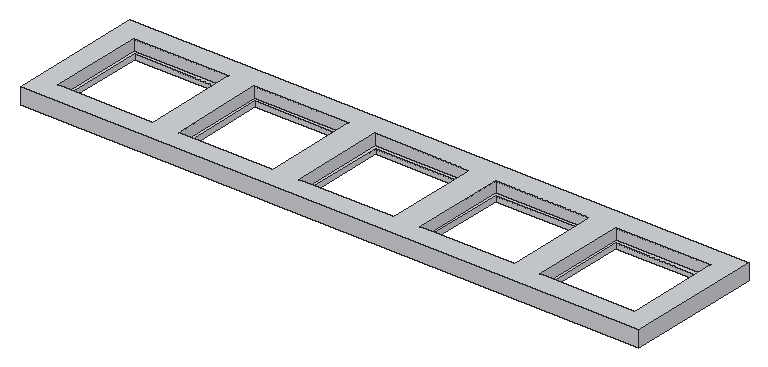
Revit family "Gira_021509", category Electrical Fixtures, host Face, Revit 2017
Family settings
  Host = Face
  Maintain Annotation Orientation = No
  Round Connector Dimension = Use Diameter
  Part Type = Normal
  Cut with Voids When Loaded = No
  Shared = No
  Room Calculation Point = No
Parameters (values of type "Abdeckrahmen 5f Gira E2 Schwarz m")
  Werkstoffgüte = "Thermoplast"
  Werkstoff = "Kunststoff"
  URL = "http://katalog.gira.de/de_DE/datenblatt.html?artikelnr=021509"
  Transparent = "No"
  Textfeld/Beschriftungsfläche = "No"
  Schutzart (IP) = "IP20"
  Region = "DE"
  Oberfläche = "sonstige"
  Name = "Abdeckrahmen 5f Gira E2 Schwarz m"
  Montagerichtung = "horizontal und vertikal"
  Mit Montagerahmen = "No"
  Mit Klappdeckel = "No"
  Manufacturer URL = "https://www.gira.de/"
  Keynote = "E2_Rahmen_5fach"
  HeinzeBIM = "https://bimportal.heinze.de/bim/abdeckrahmen-5f-gira-e2-schwarz-m/da90fc21c47c34b58688960860b85996749ca775"
  Halogenfrei = "Yes"
  HAN = "021509"
  Geeignet für Unterputz-Installation = "Yes"
  Geeignet für Unterflurkanaldose = "No"
  Geeignet für Geräteeinbaukanal = "No"
  Geeignet für Einbauinstallation = "No"
  GTIN = "4010337036906"
  Farbe = "schwarz"
  Default Elevation = 1219.2 mm
  Data sheet (1) = "https://katalog.gira.de/de_DE/download.html?artikelnr=021509"
  Category = "Abdeckrahmen"
  Befestigungsart = "Klemmbefestigung"
  Available = "Yes"
  Ausführung der Oberfläche = "matt"
  Anzahl der Einheiten vertikal = "5 "
  Anzahl der Einheiten horizontal = "5 "
  Anzahl der Einheiten = "5 "
Reference planes
  plane 1 "Center (Front/Back)": y = 0
  plane 2: z = 0
  plane 3 "Center (Left/Right)": x = 0
Forms (mm)
  Extrusion 1, solid, detail levels fine
    sketch origin (0, 0, 0) x (1, 0, 0) y (0, 1, 0)
      loop
        line (183, 40.4) -> (-183, 40.4) -> (-183, -40.4) -> (183, -40.4) -> (183, 40.4)
      loop
        line (114.548, 28.052) -> (114.548, -28.052) -> (170.652, -28.052) -> (170.652, 28.052) -> (114.548, 28.052)
      loop
        line (43.248, 28.052) -> (43.248, -28.052) -> (99.352, -28.052) -> (99.352, 28.052) -> (43.248, 28.052)
      loop
        line (-28.052, 28.052) -> (-28.052, -28.052) -> (28.052, -28.052) -> (28.052, 28.052) -> (-28.052, 28.052)
      loop
        line (-99.352, 28.052) -> (-99.352, -28.052) -> (-43.248, -28.052) -> (-43.248, 28.052) -> (-99.352, 28.052)
      loop
        line (-170.652, 28.052) -> (-170.652, -28.052) -> (-114.548, -28.052) -> (-114.548, 28.052) -> (-170.652, 28.052)
    from 0 to 9.3
  Extrusion 2, solid, detail levels fine
    sketch origin (-142.5, 0, 0) x (1, 0, 0) y (0, 1, 0)
      loop
        line (-28.152, -28.152) -> (28.152, -28.152) -> (28.152, 28.152) -> (-28.152, 28.152) -> (-28.152, -28.152)
      loop
        line (25.9, -25.7) -> (25.9, 25.7) -> (-25.9, 25.7) -> (-25.9, -25.7) -> (25.9, -25.7)
    from 0 to 3
  Extrusion 3, solid, detail levels coarse+medium
    sketch origin (0, 0, 0) x (1, 0, 0) y (0, 1, 0)
      loop
        line (183, 40.4) -> (-183, 40.4) -> (-183, -40.4) -> (183, -40.4) -> (183, 40.4)
    from 0 to 9.3
  Extrusion 4, solid, detail levels fine
    sketch origin (0.1, -0.047, 0) x (1, 0, 0) y (0, 1, 0)
      loop
        line (-28.152, -28.106) -> (28.152, -28.106) -> (28.152, 28.199) -> (-28.152, 28.199) -> (-28.152, -28.106)
      loop
        line (25.9, -25.653) -> (25.9, 25.747) -> (-25.9, 25.747) -> (-25.9, -25.653) -> (25.9, -25.653)
    from 0 to 3
  Extrusion 5, solid, detail levels fine
    sketch origin (142.5, -0.047, 0) x (1, 0, 0) y (0, 1, 0)
      loop
        line (-27.952, -28.006) -> (28.152, -28.006) -> (28.152, 28.099) -> (-27.952, 28.099) -> (-27.952, -28.006)
      loop
        line (26, -25.653) -> (26, 25.747) -> (-25.9, 25.747) -> (-25.9, -25.653) -> (26, -25.653)
    from 0 to 3
  Extrusion 6, solid, detail levels fine
    sketch origin (71.2, -0.047, 0) x (1, 0, 0) y (0, 1, 0)
      loop
        line (-27.952, -28.006) -> (28.152, -28.006) -> (28.152, 28.099) -> (-27.952, 28.099) -> (-27.952, -28.006)
      loop
        line (26, -25.653) -> (26, 25.747) -> (-25.9, 25.747) -> (-25.9, -25.653) -> (26, -25.653)
    from 0 to 3
  Extrusion 7, solid, detail levels fine
    sketch origin (-71.2, -0.047, 0) x (1, 0, 0) y (0, 1, 0)
      loop
        line (-28.152, -28.106) -> (28.152, -28.106) -> (28.152, 28.199) -> (-28.152, 28.199) -> (-28.152, -28.106)
      loop
        line (25.9, -25.653) -> (25.9, 25.747) -> (-25.9, 25.747) -> (-25.9, -25.653) -> (25.9, -25.653)
    from 0 to 3
Dimensions and locks
  aligned and locked: plane 2 to host face
  aligned and locked: level to host face
